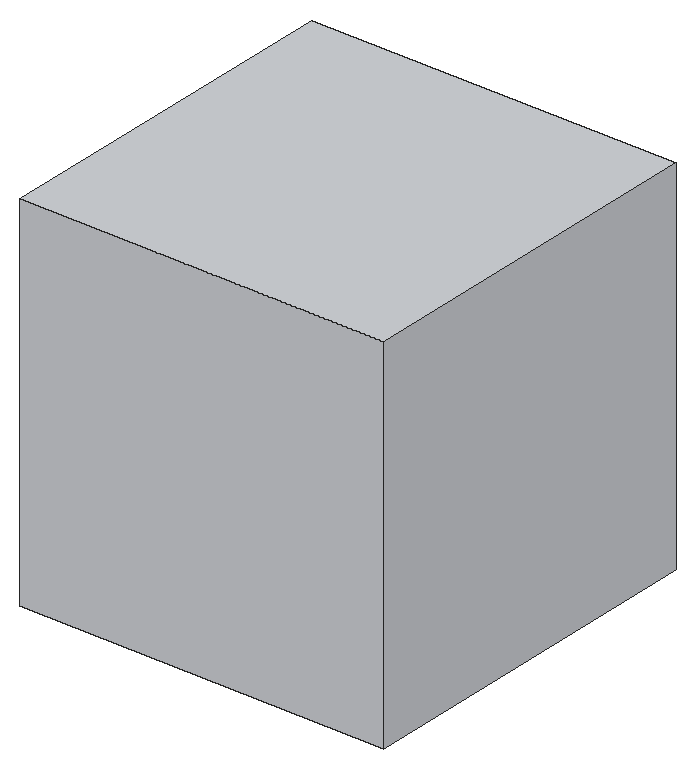
Revit family "Revit.DAL.Sample", category Обобщенные модели, Revit 2019
Family settings
  Может служить основой для арматурных стержней = Нет
  Размер круглого соединителя = Использовать диаметр
  Тип детали = Нормальный
  На основе рабочей плоскости = Нет
  Всегда вертикально = Да
  При загрузке вырезать с полостями = Нет
  Общий = Нет
  Точка расчета площади = Нет
Reference planes
  plane 1 "По центру (Вперед/Назад)": y = 0
  plane 2: z = 0
  plane 3 "По центру (Влево/Вправо)": x = 0
Forms (mm)
  Extrusion 1, solid
    sketch origin (0, 0, 0) x (1, 0, 0) y (0, 1, 0)
      loop
        line (100, -100) -> (100, 100) -> (-100, 100) -> (-100, -100) -> (100, -100)
    from 0 to 200
Dimensions and locks
  aligned and locked: level to plane 2
